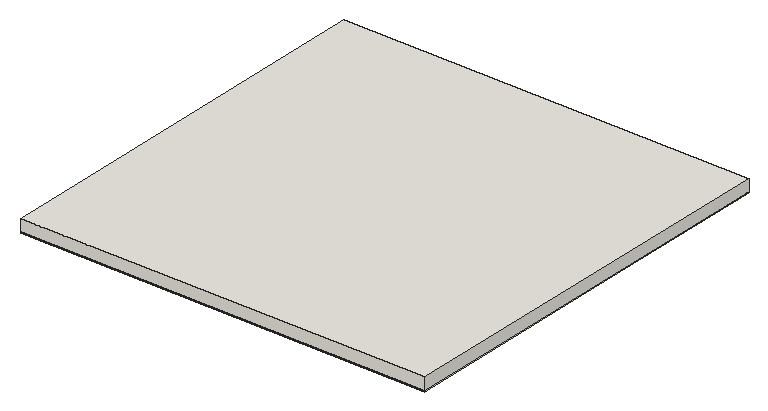
Revit family "ERA_LF_CS_SPO-6-36", category Осветительные приборы, Revit 2019 (continued)
Types (4, lengths in mm): name | built-in parameter 1150134 | Файл фотометрической сетки | built-in parameter 1150142 | built-in parameter 1150107 | URL | ADSK_Масса | ADSK_Марка | ADSK_Обозначение | ADSK_Наименование
  SPO-6-36-4K-M, LED, IP40, 595х595х19 мм (ДхШхВ), 36 Вт, 4000 К, 3060 лм, класс защиты I, в комплекте (импульсный драйвер, поликарбонат) | 2 | "SPO-6-36-4K-M.ies" | "IESNA: LM-63-1995          \r\n[TEST] Протокол № 18-17/св\r\n[DATA] 09.03.2017         \r\n[MANUFAC]??РА\r\n[LUMCAT] Светильник светодиодный\r\n[LUMINAIRE] SPO-6-36-4K-M \r\n[LAMPCAT] Светодиоды         \r\n[LAMP] 4x30 SMD2835 SanAn    \r\n[BALASTCAT]          \r\n[OTHER]          \r\n[MORE]          \r\nTILT=NONE          \r\n1 -1 0.99894272 1801 4 1 2 0.595 0.595 0.019 \r\n1 1 31.7        \r\n0 0.1 0.2 0.3 0.4 0.5 0.6 0.7 0.8 0.9 \r\n 1 1.1 1.2 1.3 1.4 1.5 1.6 1.7 1.8 1.9\r\n 2 2.1 2.2 2.3 2.4 2.5 2.6 2.7 2.8 2.9\r\n 3 3.1 3.2 3.3 3.4 3.5 3.6 3.7 3.8 3.9\r\n 4 4.1 4.2 4.3 4.4 4.5 4.6 4.7 4.8 4.9\r\n 5 5.1 5.2 5.3 5.4 5.5 5.6 5.7 5.8 5.9\r\n 6 6.1 6.2 6.3 6.4 6.5 6.6 6.7 6.8 6.9\r\n 7 7.1 7.2 7.3 7.4 7.5 7.6 7.7 7.8 7.9\r\n 8 8.1 8.2 8.3 8.4 8.5 8.6 8.7 8.8 8.9\r\n 9 9.1 9.2 9.3 9.4 9.5 9.6 9.7 9.8 9.9\r\n 10 10.1 10.2 10.3 10.4 10.5 10.6 10.7 10.8 10.9\r\n 11 11.1 11.2 11.3 11.4 11.5 11.6 11.7 11.8 11.9\r\n 12 12.1 12.2 12.3 12.4 12.5 12.6 12.7 12.8 12.9\r\n 13 13.1 13.2 13.3 13.4 13.5 13.6 13.7 13.8 13.9\r\n 14 14.1 14.2 14.3 14.4 14.5 14.6 14.7 14.8 14.9\r\n 15 15.1 15.2 15.3 15.4 15.5 15.6 15.7 15.8 15.9\r\n 16 16.1 16.2 16.3 16.4 16.5 16.6 16.7 16.8 16.9\r\n 17 17.1 17.2 17.3 17.4 17.5 17.6 17.7 17.8 17.9\r\n 18 18.1 18.2 18.3 18.4 18.5 18.6 18.7 18.8 18.9\r\n 19 19.1 19.2 19.3 19.4 19.5 19.6 19.7 19.8 19.9\r\n 20 20.1 20.2 20.3 20.4 20.5 20.6 20.7 20.8 20.9\r\n 21 21.1 21.2 21.3 21.4 21.5 21.6 21.7 21.8 21.9\r\n 22 22.1 22.2 22.3 22.4 22.5 22.6 22.7 22.8 22.9\r\n 23 23.1 23.2 23.3 23.4 23.5 23.6 23.7 23.8 23.9\r\n 24 24.1 24.2 24.3 24.4 24.5 24.6 24.7 24.8 24.9\r\n 25 25.1 25.2 25.3 25.4 25.5 25.6 25.7 25.8 25.9\r\n 26 26.1 26.2 26.3 26.4 26.5 26.6 26.7 26.8 26.9\r\n 27 27.1 27.2 27.3 27.4 27.5 27.6 27.7 27.8 27.9\r\n 28 28.1 28.2 28.3 28.4 28.5 28.6 28.7 28.8 28.9\r\n 29 29.1 29.2 29.3 29.4 29.5 29.6 29.7 29.8 29.9\r\n 30 30.1 30.2 30.3 30.4 30.5 30.6 30.7 30.8 30.9\r\n 31 31.1 31.2 31.3 31.4 31.5 31.6 31.7 31.8 31.9\r\n 32 32.1 32.2 32.3 32.4 32.5 32.6 32.7 32.8 32.9\r\n 33 33.1 33.2 33.3 33.4 33.5 33.6 33.7 33.8 33.9\r\n 34 34.1 34.2 34.3 34.4 34.5 34.6 34.7 34.8 34.9\r\n 35 35.1 35.2 35.3 35.4 35.5 35.6 35.7 35.8 35.9\r\n 36 36.1 36.2 36.3 36.4 36.5 36.6 36.7 36.8 36.9\r\n 37 37.1 37.2 37.3 37.4 37.5 37.6 37.7 37.8 37.9\r\n 38 38.1 38.2 38.3 38.4 38.5 38.6 38.7 38.8 38.9\r\n 39 39.1 39.2 39.3 39.4 39.5 39.6 39.7 39.8 39.9\r\n 40 40.1 40.2 40.3 40.4 40.5 40.6 40.7 40.8 40.9\r\n 41 41.1 41.2 41.3 41.4 41.5 41.6 41.7 41.8 41.9\r\n 42 42.1 42.2 42.3 42.4 42.5 42.6 42.7 42.8 42.9\r\n 43 43.1 43.2 43.3 43.4 43.5 43.6 43.7 43.8 43.9\r\n 44 44.1 44.2 44.3 44.4 44.5 44.6 44.7 44.8 44.9\r\n 45 45.1 45.2 45.3 45.4 45.5 45.6 45.7 45.8 45.9\r\n 46 46.1 46.2 46.3 46.4 46.5 46.6 46.7 46.8 46.9\r\n 47 47.1 47.2 47.3 47.4 47.5 47.6 47.7 47.8 47.9\r\n 48 48.1 48.2 48.3 48.4 48.5 48.6 48.7 48.8 48.9\r\n 49 49.1 49.2 49.3 49.4 49.5 49.6 49.7 49.8 49.9\r\n 50 50.1 50.2 50.3 50.4 50.5 50.6 50.7 50.8 50.9\r\n 51 51.1 51.2 51.3 51.4 51.5 51.6 51.7 51.8 51.9\r\n 52 52.1 52.2 52.3 52.4 52.5 52.6 52.7 52.8 52.9\r\n 53 53.1 53.2 53.3 53.4 53.5 53.6 53.7 53.8 53.9\r\n 54 54.1 54.2 54.3 54.4 54.5 54.6 54.7 54.8 54.9\r\n 55 55.1 55.2 55.3 55.4 55.5 55.6 55.7 55.8 55.9\r\n 56 56.1 56.2 56.3 56.4 56.5 56.6 56.7 56.8 56.9\r\n 57 57.1 57.2 57.3 57.4 57.5 57.6 57.7 57.8 57.9\r\n 58 58.1 58.2 58.3 58.4 58.5 58.6 58.7 58.8 58.9\r\n 59 59.1 59.2 59.3 59.4 59.5 59.6 59.7 59.8 59.9\r\n 60 60.1 60.2 60.3 60.4 60.5 60.6 60.7 60.8 60.9\r\n 61 61.1 61.2 61.3 61.4 61.5 61.6 61.7 61.8 61.9\r\n 62 62.1 62.2 62.3 62.4 62.5 62.6 62.7 62.8 62.9\r\n 63 63.1 63.2 63.3 63.4 63.5 63.6 63.7 63.8 63.9\r\n 64 64.1 64.2 64.3 64.4 64.5 64.6 64.7 64.8 64.9\r\n 65 65.1 65.2 65.3 65.4 65.5 65.6 65.7 65.8 65.9\r\n 66 66.1 66.2 66.3 66.4 66.5 66.6 66.7 66.8 66.9\r\n 67 67.1 67.2 67.3 67.4 67.5 67.6 67.7 67.8 67.9\r\n 68 68.1 68.2 68.3 68.4 68.5 68.6 68.7 68.8 68.9\r\n 69 69.1 69.2 69.3 69.4 69.5 69.6 69.7 69.8 69.9\r\n 70 70.1 70.2 70.3 70.4 70.5 70.6 70.7 70.8 70.9\r\n 71 71.1 71.2 71.3 71.4 71.5 71.6 71.7 71.8 71.9\r\n 72 72.1 72.2 72.3 72.4 72.5 72.6 72.7 72.8 72.9\r\n 73 73.1 73.2 73.3 73.4 73.5 73.6 73.7 73.8 73.9\r\n 74 74.1 74.2 74.3 74.4 74.5 74.6 74.7 74.8 74.9\r\n 75 75.1 75.2 75.3 75.4 75.5 75.6 75.7 75.8 75.9\r\n 76 76.1 76.2 76.3 76.4 76.5 76.6 76.7 76.8 76.9\r\n 77 77.1 77.2 77.3 77.4 77.5 77.6 77.7 77.8 77.9\r\n 78 78.1 78.2 78.3 78.4 78.5 78.6 78.7 78.8 78.9\r\n 79 79.1 79.2 79.3 79.4 79.5 79.6 79.7 79.8 79.9\r\n 80 80.1 80.2 80.3 80.4 80.5 80.6 80.7 80.8 80.9\r\n 81 81.1 81.2 81.3 81.4 81.5 81.6 81.7 81.8 81.9\r\n 82 82.1 82.2 82.3 82.4 82.5 82.6 82.7 82.8 82.9\r\n 83 83.1 83.2 83.3 83.4 83.5 83.6 83.7 83.8 83.9\r\n 84 84.1 84.2 84.3 84.4 84.5 84.6 84.7 84.8 84.9\r\n 85 85.1 85.2 85.3 85.4 85.5 85.6 85.7 85.8 85.9\r\n 86 86.1 86.2 86.3 86.4 86.5 86.6 86.7 86.8 86.9\r\n 87 87.1 87.2 87.3 87.4 87.5 87.6 87.7 87.8 87.9\r\n 88 88.1 88.2 88.3 88.4 88.5 88.6 88.7 88.8 88.9\r\n 89 89.1 89.2 89.3 89.4 89.5 89.6 89.7 89.8 89.9\r\n 90 90.1 90.2 90.3 90.4 90.5 90.6 90.7 90.8 90.9\r\n 91 91.1 91.2 91.3 91.4 91.5 91.6 91.7 91.8 91.9\r\n 92 92.1 92.2 92.3 92.4 92.5 92.6 92.7 92.8 92.9\r\n 93 93.1 93.2 93.3 93.4 93.5 93.6 93.7 93.8 93.9\r\n 94 94.1 94.2 94.3 94.4 94.5 94.6 94.7 94.8 94.9\r\n 95 95.1 95.2 95.3 95.4 95.5 95.6 95.7 95.8 95.9\r\n 96 96.1 96.2 96.3 96.4 96.5 96.6 96.7 96.8 96.9\r\n 97 97.1 97.2 97.3 97.4 97.5 97.6 97.7 97.8 97.9\r\n 98 98.1 98.2 98.3 98.4 98.5 98.6 98.7 98.8 98.9\r\n 99 99.1 99.2 99.3 99.4 99.5 99.6 99.7 99.8 99.9\r\n 100 100.1 100.2 100.3 100.4 100.5 100.6 100.7 100.8 100.9\r\n 101 101.1 101.2 101.3 101.4 101.5 101.6 101.7 101.8 101.9\r\n 102 102.1 102.2 102.3 102.4 102.5 102.6 102.7 102.8 102.9\r\n 103 103.1 103.2 103.3 103.4 103.5 103.6 103.7 103.8 103.9\r\n 104 104.1 104.2 104.3 104.4 104.5 104.6 104.7 104.8 104.9\r\n 105 105.1 105.2 105.3 105.4 105.5 105.6 105.7 105.8 105.9\r\n 106 106.1 106.2 106.3 106.4 106.5 106.6 106.7 106.8 106.9\r\n 107 107.1 107.2 107.3 107.4 107.5 107.6 107.7 107.8 107.9\r\n 108 108.1 108.2 108.3 108.4 108.5 108.6 108.7 108.8 108.9\r\n 109 109.1 109.2 109.3 109.4 109.5 109.6 109.7 109.8 109.9\r\n 110 110.1 110.2 110.3 110.4 110.5 110.6 110.7 110.8 110.9\r\n 111 111.1 111.2 111.3 111.4 111.5 111.6 111.7 111.8 111.9\r\n 112 112.1 112.2 112.3 112.4 112.5 112.6 112.7 112.8 112.9\r\n 113 113.1 113.2 113.3 113.4 113.5 113.6 113.7 113.8 113.9\r\n 114 114.1 114.2 114.3 114.4 114.5 114.6 114.7 114.8 114.9\r\n 115 115.1 115.2 115.3 115.4 115.5 115.6 115.7 115.8 115.9\r\n 116 116.1 116.2 116.3 116.4 116.5 116.6 116.7 116.8 116.9\r\n 117 117.1 117.2 117.3 117.4 117.5 117.6 117.7 117.8 117.9\r\n 118 118.1 118.2 118.3 118.4 118.5 118.6 118.7 118.8 118.9\r\n 119 119.1 119.2 119.3 119.4 119.5 119.6 119.7 119.8 119.9\r\n 120 120.1 120.2 120.3 120.4 120.5 120.6 120.7 120.8 120.9\r\n 121 121.1 121.2 121.3 121.4 121.5 121.6 121.7 121.8 121.9\r\n 122 122.1 122.2 122.3 122.4 122.5 122.6 122.7 122.8 122.9\r\n 123 123.1 123.2 123.3 123.4 123.5 123.6 123.7 123.8 123.9\r\n 124 124.1 124.2 124.3 124.4 124.5 124.6 124.7 124.8 124.9\r\n 125 125.1 125.2 125.3 125.4 125.5 125.6 125.7 125.8 125.9\r\n 126 126.1 126.2 126.3 126.4 126.5 126.6 126.7 126.8 126.9\r\n 127 127.1 127.2 127.3 127.4 127.5 127.6 127.7 127.8 127.9\r\n 128 128.1 128.2 128.3 128.4 128.5 128.6 128.7 128.8 128.9\r\n 129 129.1 129.2 129.3 129.4 129.5 129.6 129.7 129.8 129.9\r\n 130 130.1 130.2 130.3 130.4 130.5 130.6 130.7 130.8 130.9\r\n 131 131.1 131.2 131.3 131.4 131.5 131.6 131.7 131.8 131.9\r\n 132 132.1 132.2 132.3 132.4 132.5 132.6 132.7 132.8 132.9\r\n 133 133.1 133.2 133.3 133.4 133.5 133.6 133.7 133.8 133.9\r\n 134 134.1 134.2 134.3 134.4 134.5 134.6 134.7 134.8 134.9\r\n 135 135.1 135.2 135.3 135.4 135.5 135.6 135.7 135.8 135.9\r\n 136 136.1 136.2 136.3 136.4 136.5 136.6 136.7 136.8 136.9\r\n 137 137.1 137.2 137.3 137.4 137.5 137.6 137.7 137.8 137.9\r\n 138 138.1 138.2 138.3 138.4 138.5 138.6 138.7 138.8 138.9\r\n 139 139.1 139.2 139.3 139.4 139.5 139.6 139.7 139.8 139.9\r\n 140 140.1 140.2 140.3 140.4 140.5 140.6 140.7 140.8 140.9\r\n 141 141.1 141.2 141.3 141.4 141.5 141.6 141.7 141.8 141.9\r\n 142 142.1 142.2 142.3 142.4 142.5 142.6 142.7 142.8 142.9\r\n 143 143.1 143.2 143.3 143.4 143.5 143.6 143.7 143.8 143.9\r\n 144 144.1 144.2 144.3 144.4 144.5 144.6 144.7 144.8 144.9\r\n 145 145.1 145.2 145.3 145.4 145.5 145.6 145.7 145.8 145.9\r\n 146 146.1 146.2 146.3 146.4 146.5 146.6 146.7 146.8 146.9\r\n 147 147.1 147.2 147.3 147.4 147.5 147.6 147.7 147.8 147.9\r\n 148 148.1 148.2 148.3 148.4 148.5 148.6 148.7 148.8 148.9\r\n 149 149.1 149.2 149.3 149.4 149.5 149.6 149.7 149.8 149.9\r\n 150 150.1 150.2 150.3 150.4 150.5 150.6 150.7 150.8 150.9\r\n 151 151.1 151.2 151.3 151.4 151.5 151.6 151.7 151.8 151.9\r\n 152 152.1 152.2 152.3 152.4 152.5 152.6 152.7 152.8 152.9\r\n 153 153.1 153.2 153.3 153.4 153.5 153.6 153.7 153.8 153.9\r\n 154 154.1 154.2 154.3 154.4 154.5 154.6 154.7 154.8 154.9\r\n 155 155.1 155.2 155.3 155.4 155.5 155.6 155.7 155.8 155.9\r\n 156 156.1 156.2 156.3 156.4 156.5 156.6 156.7 156.8 156.9\r\n 157 157.1 157.2 157.3 157.4 157.5 157.6 157.7 157.8 157.9\r\n 158 158.1 158.2 158.3 158.4 158.5 158.6 158.7 158.8 158.9\r\n 159 159.1 159.2 159.3 159.4 159.5 159.6 159.7 159.8 159.9\r\n 160 160.1 160.2 160.3 160.4 160.5 160.6 160.7 160.8 160.9\r\n 161 161.1 161.2 161.3 161.4 161.5 161.6 161.7 161.8 161.9\r\n 162 162.1 162.2 162.3 162.4 162.5 162.6 162.7 162.8 162.9\r\n 163 163.1 163.2 163.3 163.4 163.5 163.6 163.7 163.8 163.9\r\n 164 164.1 164.2 164.3 164.4 164.5 164.6 164.7 164.8 164.9\r\n 165 165.1 165.2 165.3 165.4 165.5 165.6 165.7 165.8 165.9\r\n 166 166.1 166.2 166.3 166.4 166.5 166.6 166.7 166.8 166.9\r\n 167 167.1 167.2 167.3 167.4 167.5 167.6 167.7 167.8 167.9\r\n 168 168.1 168.2 168.3 168.4 168.5 168.6 168.7 168.8 168.9\r\n 169 169.1 169.2 169.3 169.4 169.5 169.6 169.7 169.8 169.9\r\n 170 170.1 170.2 170.3 170.4 170.5 170.6 170.7 170.8 170.9\r\n 171 171.1 171.2 171.3 171.4 171.5 171.6 171.7 171.8 171.9\r\n 172 172.1 172.2 172.3 172.4 172.5 172.6 172.7 172.8 172.9\r\n 173 173.1 173.2 173.3 173.4 173.5 173.6 173.7 173.8 173.9\r\n 174 174.1 174.2 174.3 174.4 174.5 174.6 174.7 174.8 174.9\r\n 175 175.1 175.2 175.3 175.4 175.5 175.6 175.7 175.8 175.9\r\n 176 176.1 176.2 176.3 176.4 176.5 176.6 176.7 176.8 176.9\r\n 177 177.1 177.2 177.3 177.4 177.5 177.6 177.7 177.8 177.9\r\n 178 178.1 178.2 178.3 178.4 178.5 178.6 178.7 178.8 178.9\r\n 179 179.1 179.2 179.3 179.4 179.5 179.6 179.7 179.8 179.9\r\n 180         \r\n0 90 180 270       \r\n1428.38 1419.71 1418.51 1424.72 1420.81 1420.91 1420.91 1415.35 1415.35 1414.35 \r\n 1420.76 1416.80 1421.66 1413.65 1412.15 1418.86 1413.15 1413.25 1419.11 1413.70\r\n 1408.29 1414.65 1414.10 1408.89 1415.00 1408.94 1403.68 1412.20 1413.50 1406.13\r\n 1411.49 1406.79 1400.37 1408.84 1403.03 1403.38 1409.69 1399.27 1399.82 1406.79\r\n 1396.32 1401.48 1401.48 1406.18 1390.95 1397.72 1404.23 1392.91 1399.62 1399.07\r\n 1396.67 1391.81 1391.81 1392.16 1398.12 1383.39 1389.55 1397.87 1385.39 1392.56\r\n 1382.54 1389.45 1389.45 1387.30 1386.60 1391.16 1376.98 1381.59 1390.30 1378.18\r\n 1388.10 1373.62 1373.62 1379.98 1386.95 1377.18 1382.54 1376.68 1372.67 1381.94\r\n 1377.13 1381.84 1367.41 1367.41 1374.37 1381.39 1370.16 1375.88 1377.88 1365.35\r\n 1378.08 1369.06 1374.42 1374.42 1369.41 1366.01 1373.12 1365.66 1368.66 1374.22\r\n 1365.46 1372.47 1361.80 1361.80 1367.96 1371.62 1356.89 1362.45 1371.02 1358.89\r\n 1368.71 1354.13 1360.60 1360.60 1367.61 1355.99 1362.05 1366.61 1353.48 1358.34\r\n 1355.74 1359.29 1364.65 1364.65 1351.58 1354.68 1363.30 1356.94 1356.99 1361.55\r\n 1350.78 1358.99 1356.09 1356.09 1353.18 1359.39 1360.35 1348.97 1354.93 1362.10\r\n 1356.39 1359.84 1345.57 1345.57 1351.83 1358.19 1349.07 1351.78 1356.89 1354.08\r\n 1351.88 1358.09 1347.02 1347.02 1352.28 1356.29 1343.51 1346.47 1352.48 1351.28\r\n 1351.28 1352.88 1339.40 1345.67 1351.73 1342.11 1344.16 1349.12 1348.22 1336.65\r\n 1341.91 1348.97 1336.75 1341.11 1345.27 1340.46 1332.74 1337.60 1343.91 1331.59\r\n 1335.75 1339.30 1333.64 1326.33 1331.04 1337.20 1324.78 1328.28 1331.19 1326.18\r\n 1318.16 1322.92 1328.88 1317.01 1319.77 1322.67 1319.87 1308.95 1314.61 1319.27\r\n 1310.75 1311.35 1314.16 1314.11 1300.78 1305.84 1310.75 1304.59 1301.13 1305.24\r\n 1305.74 1291.86 1296.02 1300.98 1295.97 1291.26 1295.22 1297.07 1282.19 1285.15\r\n 1291.21 1287.05 1281.64 1286.05 1287.80 1273.23 1275.93 1281.99 1283.55 1272.47\r\n 1276.78 1278.59 1266.01 1265.91 1271.52 1275.13 1262.40 1266.11 1269.12 1261.80\r\n 1255.29 1260.85 1265.06 1255.14 1255.99 1259.05 1260.25 1245.62 1248.63 1253.54\r\n 1252.79 1243.72 1247.68 1249.38 1240.11 1235.20 1239.81 1243.67 1233.30 1234.25\r\n 1236.25 1235.65 1222.33 1225.03 1228.74 1228.74 1218.67 1221.93 1223.08 1213.96\r\n 1208.95 1211.81 1216.21 1205.79 1205.19 1206.45 1206.80 1192.77 1193.07 1196.93\r\n 1198.58 1186.36 1188.36 1189.76 1188.46 1174.38 1176.44 1180.09 1179.74 1169.22\r\n 1171.93 1172.88 1169.67 1157.80 1160.31 1163.01 1164.76 1153.14 1155.05 1156.45\r\n 1155.45 1141.67 1143.42 1146.83 1149.69 1137.61 1138.71 1140.27 1140.22 1127.74\r\n 1127.34 1130.20 1133.75 1125.99 1123.08 1124.34 1125.39 1118.37 1111.21 1114.22\r\n 1117.27 1112.81 1106.30 1108.41 1109.11 1104.90 1094.53 1096.33 1099.54 1101.14\r\n 1089.42 1089.82 1091.32 1091.57 1080.55 1077.34 1080.20 1083.11 1080.65 1071.73\r\n 1073.54 1074.04 1073.24 1059.56 1060.36 1062.62 1065.17 1057.26 1054.05 1055.00\r\n 1055.15 1051.54 1039.72 1040.92 1043.08 1044.53 1034.76 1033.01 1033.56 1033.26\r\n 1027.60 1017.83 1018.83 1020.53 1022.09 1011.32 1010.21 1010.77 1009.96 1005.66\r\n 994.83 995.39 996.99 998.14 989.07 985.77 986.22 985.42 982.11 969.49\r\n 969.44 970.54 971.84 966.23 959.37 959.57 958.86 957.61 945.29 942.48\r\n 943.63 944.59 944.69 934.47 933.31 933.26 932.31 926.65 917.28 917.53\r\n 918.14 919.64 916.73 908.17 908.47 907.72 906.36 899.05 892.44 893.14\r\n 894.44 895.54 888.58 884.27 884.67 884.12 882.92 872.55 869.39 870.39\r\n 871.49 872.70 866.74 861.93 862.33 861.63 860.07 851.71 847.20 847.80\r\n 849.25 850.15 844.14 839.93 840.23 839.43 838.68 829.61 825.56 826.11\r\n 826.86 828.51 824.20 817.94 818.49 817.49 816.29 810.48 803.01 803.41\r\n 804.41 805.42 800.91 795.45 795.30 794.34 793.44 788.03 780.12 779.67\r\n 780.47 781.37 780.67 771.75 771.15 770.70 769.05 766.59 756.37 755.27\r\n 755.82 756.17 756.72 748.51 746.05 745.30 744.40 741.89 733.58 729.77\r\n 730.07 730.57 731.12 725.51 720.75 720.65 719.20 717.90 711.68 704.92\r\n 704.52 704.82 705.57 705.02 696.65 695.45 694.55 693.20 690.74 681.48\r\n 679.47 679.27 679.77 679.92 673.61 670.20 669.70 668.45 666.35 661.24\r\n 653.87 653.52 653.27 653.92 652.52 644.85 643.95 642.70 641.50 637.94\r\n 630.28 627.27 626.92 626.97 627.17 621.66 617.70 616.95 615.00 613.09\r\n 606.53 600.82 600.02 599.77 600.17 597.46 591.30 589.90 588.59 586.54\r\n 583.89 575.02 572.76 572.46 572.66 572.36 566.20 563.35 562.24 560.54\r\n 557.98 553.23 546.61 545.61 545.31 545.56 544.36 537.14 535.89 534.34\r\n 532.44 529.13 521.16 518.96 518.01 518.21 517.81 514.10 508.94 507.94\r\n 505.78 503.78 498.47 491.86 490.80 489.60 490.30 489.20 483.54 481.14\r\n 479.78 477.28 474.12 468.26 463.85 463.15 462.65 462.40 459.89 454.88\r\n 453.03 451.48 448.82 444.81 438.55 436.20 435.40 434.90 434.49 430.29\r\n 426.73 425.08 422.42 420.22 415.41 410.05 408.34 407.69 407.19 406.64\r\n 401.18 398.73 397.17 394.62 392.06 386.35 382.09 380.94 379.99 379.69\r\n 378.94 373.38 371.37 369.57 366.91 364.46 358.35 355.24 353.64 353.19\r\n 352.74 350.48 346.57 344.62 342.87 340.06 337.31 331.19 328.59 327.49\r\n 326.84 326.53 326.53 323.98 320.42 318.62 316.67 314.11 311.61 305.59\r\n 302.24 301.69 301.69 301.44 299.08 295.78 294.07 292.17 289.76 287.26\r\n 279.09 278.34 278.34 277.99 277.44 276.04 272.73 270.93 269.12 266.87\r\n 259.50 256.75 256.75 256.00 255.50 255.55 254.85 251.49 249.74 248.48\r\n 243.47 240.17 240.17 236.66 235.46 235.26 235.26 234.91 232.80 230.40\r\n 227.34 225.09 225.09 223.18 218.68 217.12 216.57 216.27 216.52 215.97\r\n 211.66 210.41 210.41 208.20 206.50 202.99 200.09 199.44 199.04 199.14\r\n 197.43 195.48 195.48 194.38 192.62 191.02 188.52 185.26 183.51 182.86\r\n 182.9
